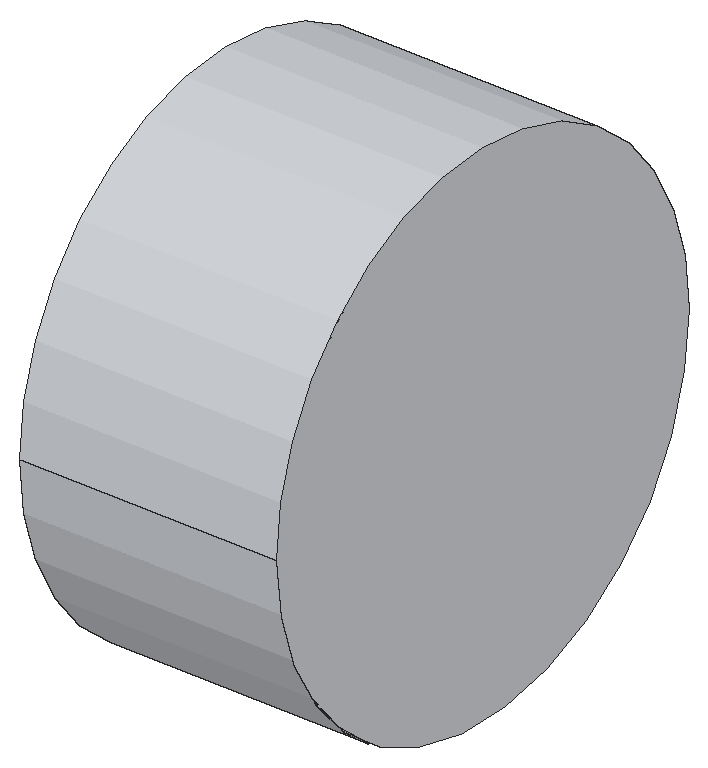
Revit family "6e597f3b2fe74700b10be021db58357a", category Pipe Fittings, Revit 2027
Family settings
  Round Connector Dimension = Use Radius
  Part Type = Union
  Seek Item ID = Coupling - Generic-0000-USA-ENU
  Work Plane-Based = No
  Always vertical = Yes
  Cut with Voids When Loaded = No
  Shared = No
Parameters (values of type "Standard")
  Tick Size [instance] = Fitting Outside Diameter * 0.4  # 0.45"
  Nominal Radius [instance] = 1/2"
  Nominal Diameter [instance] = Nominal Radius * 2  # 1"
  Loss Method = K Coefficient from Table
  Lookup Table Name = "Pipe Fitting - Generic"
  Length [instance] = Fitting Outside Radius  # 9/16"
  K Coefficient Table = "Reducer/Coupling/Union/Increaser"
  Fitting Outside Radius [instance] = Fitting Outside Diameter / 2  # 9/16"
  Fitting Outside Diameter [instance] = size_lookup(Lookup Table Name, "FOD", Nominal Diameter + 1/8", Nominal Diameter)  # 1 1/8"
  Default Elevation = 0' - 0"
Reference planes (in)
  plane 1 "Center (Front/Back)": y = 0
  plane 2: z = 0
  plane 3 "Center (Left/Right)": x = 0
  plane 4: x = -0.28125
  plane 5: x = 0.28125
  plane 6: y = 0.45
  plane 7: y = -0.45
Forms (in)
  Extrusion 1, solid, detail levels fine
    sketch origin (0, 0, 0) x (0, 1, 0) y (0, 0, 1)
      loop
        circle (0, 0) r 0.5625
    from -0.28125 to 0.28125
Lines and regions (in)
  model lines, detail levels coarse+medium
    curve 1: line (-0.28125, 0, 0) -> (0.28125, 0, 0)
    curve 2: line (-0.28125, 0.45, 0) -> (-0.28125, -0.45, 0)
    curve 3: line (0.28125, 0.45, 0) -> (0.28125, -0.45, 0)
Dimensions and locks (in)
  equal spacing: plane 4, plane 3 "Center (Left/Right)", plane 5
  "Length": plane 4 to plane 5
  "Tick Size": plane 6 to plane 1 "Center (Front/Back)"
  "Tick Size": plane 7 to plane 1 "Center (Front/Back)"
  "Fitting Outside Radius": radius of Extrusion 1 sketch curve
  aligned and locked: plane 2 to Extrusion 1 sketch curve
  aligned and locked: plane 1 "Center (Front/Back)" to Extrusion 1 sketch curve
  aligned and locked: Extrusion 1 to plane 4
  aligned and locked: Extrusion 1 to plane 5
  aligned and locked: plane 6 to curve 2
  aligned and locked: plane 7 to curve 2
  aligned and locked: curve 2 to plane 4
  aligned and locked: plane 6 to curve 3
  aligned and locked: plane 7 to curve 3
  aligned and locked: plane 5 to curve 3
  aligned and locked: plane 4 to curve 1
  aligned and locked: plane 5 to curve 1
  aligned and locked: plane 1 "Center (Front/Back)" to curve 1
Connectors (in)
  piping at (-0.28125, 0, 0), diameter 1, driven by "Nominal Radius"
    settings: on Extrusion 1, index 1, connector inside diameter 1", connector length 0' - 0", flow factor 0, pipe flow 0 GPM, pressure drop 0.00 psi, fitting loss kfactor 0, connector angle 0.00°, fixture units 0, engagement length 0' - 0", angle of deflection 0.00°, flow configuration 0, flow direction 0, fitting loss method 0, system type 28, joint type 0, gender type 0, connector reference index 2, connector utility 0, adjustable connector no, is connector primary yes, connector description ""
  piping at (0.28125, 0, 0), diameter 1, driven by "Nominal Radius"
    settings: on Extrusion 1, index 2, connector inside diameter 1", connector length 0' - 0", flow factor 0, pipe flow 0 GPM, pressure drop 0.00 psi, fitting loss kfactor 0, connector angle 0.00°, fixture units 0, engagement length 0' - 0", angle of deflection 0.00°, flow configuration 0, flow direction 0, fitting loss method 0, system type 28, joint type 0, gender type 0, connector reference index 1, connector utility 0, adjustable connector no, is connector primary no, connector description ""
